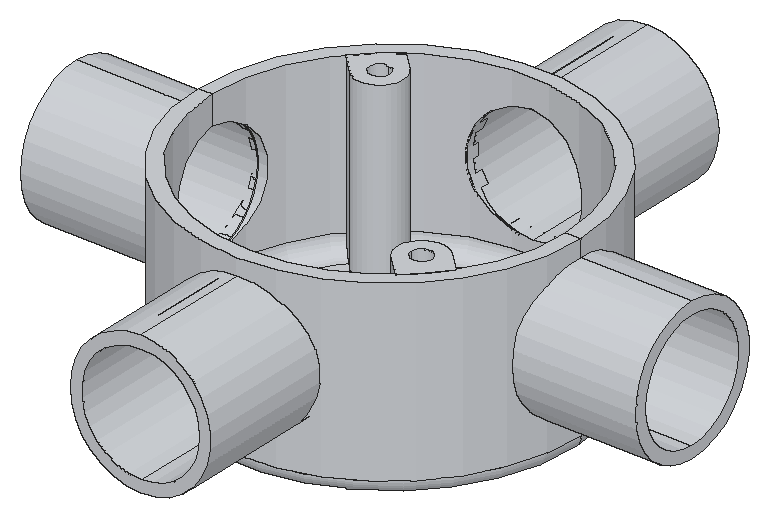
Revit family "PB5B", category Generic Models, Revit 2017
Family settings
  Can host rebar = No
  Round Connector Dimension = Use Diameter
  Part Type = Normal
  Work Plane-Based = Yes
  Always vertical = No
  Cut with Voids When Loaded = No
  Shared = No
  Room Calculation Point = No
Parameters (values of type "NBS Standard Parameters")
  Weight = "0.053Kg"
  WarrantyStartDate [instance] = "1900-12-31T23:59:59"
  WarrantyGuarantorParts = "n/a"
  WarrantyGuarantorLabor = "n/a"
  WarrantyDurationUnit = "1 year"
  WarrantyDurationParts = "n/a"
  WarrantyDurationLabor = "n/a"
  WarrantyDescription = "n/a"
  Version = "1"
  Uniclass2 = "P_65_70_11_20"
  TagNumber [instance] = "n/a"
  SustainabilityPerformance = "n/a"
  Size = "20mm"
  Shape = "Circular"
  SerialNumber [instance] = "n/a"
  Revision = "n/a"
  ReplacementCost = "n/a"
  ProductInformation = "www.metpro.co.uk/pdf/pb5w.pdf"
  NominalWidth = 66 mm
  NominalLength = 66 mm
  NominalHeight = 30 mm
  Name = ""
  NBSTypeID = ""
  NBSReference = "90-55-10/460"
  NBSOfficeMasterTag = ""
  NBSNote = ""
  NBSDescription = "Conduit Fittings"
  NBSCertification = ""
  ModelReference = "PB5B"
  ModelNumber = "n/a"
  Material = "PVC"
  ManufacturerURL = "www.metpro.co.uk"
  ManufacturerName = "Metpro Ltd"
  Keynote = "Manufactured to BS4607 Part 1"
  InstallationDate [instance] = "1900-12-31T23:59:59"
  IfcExportType = ""
  IfcExportAs = ""
  Grade = "n/a"
  Finish = "Black"
  Features = "n/a"
  ExpectedLife = "n/a"
  DurationUnit = "year"
  Description = "PB5B - 20mm Intersection PVC Conduit Box"
  Default Elevation = 1219.2 mm
  Constituents = "n/a"
  Color = "n/a"
  CodePerformance = "n/a"
  Category = "n/a"
  BarCode [instance] = "n/a"
  BIMObjectName = "Metpro_metprolibrary_conduitfittings_PVCcomponent_circularjunctionbox"
  Author = "Metpro Ltd"
  AssetType = ""
  AssetIdentifier [instance] = "n/a"
  AccessibilityPerformance = "n/a"
Reference planes
  plane 1 "Center (Front/Back)": y = 0
  plane 2: z = 0
  plane 3 "Center (Left/Right)": x = 0
Forms (mm)
  Revolve 1, solid
    sketch origin (-3.824, 30.733, -25.521) x (1, 0, 0) y (0, 0, 1)
      loop
        line (-32.5, 42.541) -> (-32.5, 12.5)
        arc (-32.5, 12.5) -> (-31.768, 10.732) -> (-30, 10) r 2.5
        line (-30, 10) -> (0, 10) -> (0, 12.541) -> (-27, 12.541)
        arc (-27, 12.541) -> (-29.121, 13.42) -> (-30, 15.541) r 3
        line (-30, 15.541) -> (-30, 42.541) -> (-32.5, 42.541)
      axis (0, 10) -> (0, 42.541)
    angle from 0 to 360
  Extrusion 2, solid
    sketch origin (-3.824, 30.733, 17.021) x (0, 1, 0) y (-1, 0, 0)
      loop
        arc (-13.805, -21.577) -> (-13.887, -16.02) -> (-19.441, -15.821) r 4.033
        line (-19.441, -15.821) -> (-22.946, -19.326)
        arc (-22.946, -19.326) -> (-20.14, -22.235) -> (-16.968, -24.74) r 30
        line (-16.968, -24.74) -> (-13.805, -21.577)
      loop
        circle (-16.769, -18.842) r 1.752
      loop
        line (21.577, 13.805) -> (24.74, 16.968)
        arc (24.74, 16.968) -> (22.235, 20.14) -> (19.326, 22.946) r 30
        line (19.326, 22.946) -> (15.821, 19.441)
        arc (15.821, 19.441) -> (16.02, 13.887) -> (21.577, 13.805) r 4.033
      loop
        circle (18.842, 16.769) r 1.752
    from -31.222 to 0
  Extrusion 3, void
    sketch origin (-3.824, 30.733, -25.521) x (0, 0, 1) y (0, -1, 0)
      loop
        circle (27.754, 0.168) r 10
    from -58.88 to 59.926
  Extrusion 4, solid
    sketch origin (-3.824, 30.733, -24.271) x (0, 0, 1) y (0, -1, 0)
      loop
        circle (26.504, 0.168) r 12
      loop
        circle (26.504, 0.168) r 10
    from 30.64 to 51.5
  Extrusion 5, solid
    sketch origin (-5.324, 30.733, -24.271) x (0, 0, 1) y (0, 1, 0)
      loop
        circle (26.504, -0.168) r 10
      loop
        circle (26.504, -0.168) r 12
    from 28.765 to 51.5
  Extrusion 6, solid
    sketch origin (-3.824, 29.233, -24.271) x (0, 0, 1) y (-1, 0, 0)
      loop
        circle (26.504, -0.168) r 10
      loop
        circle (26.504, -0.168) r 12
    from 24.792 to 51.5
  Extrusion 7, void
    sketch origin (-3.824, 30.733, 17.021) x (-1, 0, 0) y (0, 1, 0)
      loop
        arc (-14.448, -26.292) -> (0, -30) -> (14.448, -26.292) r 30
        line (14.448, -26.292) -> (-14.448, -26.292)
    from 0 to 31.222
  Extrusion 8, solid
    sketch origin (-3.824, 30.733, -24.271) x (0, 0, 1) y (1, 0, 0)
      loop
        circle (26.504, 0.168) r 12
      loop
        circle (26.504, 0.168) r 10
    from 29.982 to 54.592
  Extrusion 9, void
    sketch origin (-3.824, -22.267, -24.271) x (0, 0, -1) y (-1, 0, 0)
      loop
        circle (-26.504, -0.168) r 10
    from 0 to 104.5
Cuts and joins
  Extrusion 3, Extrusion 9 cuts Revolve 1
  Extrusion 3 cuts Extrusion 4
  Extrusion 3 cuts Extrusion 5
  Extrusion 7, Extrusion 9 cuts Extrusion 6
  Extrusion 9 cuts Extrusion 8
Dimensions and locks
  aligned and locked: level to plane 2
